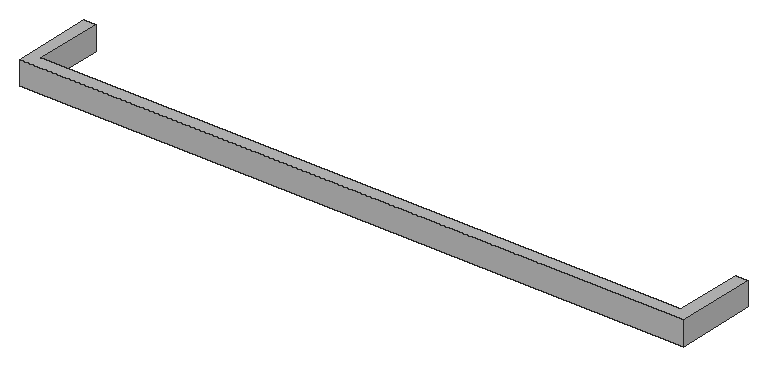
Revit family "Reece_Accessory_Mizu_Bloc_Heated Towel Rail", category Plumbing Fixtures, Revit 2018
Family settings
  Round Connector Dimension = Use Diameter
  Part Type = Normal
  Work Plane-Based = Yes
  Always vertical = Yes
  Cut with Voids When Loaded = Yes
  Shared = Yes
  Room Calculation Point = Yes
Parameters (values of type "827 mm x 30 mm x 100 mm_Polished Stainless Steel")
  URL = "https://www.reece.com.au/product/-9509569"
  Type Comments = "Accessory"
  Reece_Product_Web Page = "https://www.reece.com.au/product/-9509569"
  Reece_Product_Type = "Accessory"  # constant formula
  Reece_Product_Sub Brand = "Bloc"  # constant formula
  Reece_Product_Number = "9509569"
  Reece_Product_Mount = "Wall Mounted"
  Reece_Product_Description = "Mizu Bloc Heated Towel Rail 830 (Each) (Less Transformer) Polished Stainless Steel"
  Reece_Product_Brand = "Mizu"  # constant formula
  Reece_Overall_Width = 827 mm
  Reece_Overall_Height = 30 mm  # constant formula
  Reece_Material_Main = Reece_Metal_Stainless Steel_Polished
  Reece_Height_From_Level [instance] = if(Reece_Bottom_Offset < 600 mm, 600 mm, if(Reece_Bottom_Offset > 600 mm, Reece_Bottom_Offset, if(Reece_Bottom_Offset = 0 mm, Reece_Bottom_Offset, Reece_Bottom_Offset)))  # 1000 mm
  Reece_Fixing_Point_Width = 812 mm
  Reece_Detail_Shape = ""
  Reece_Detail_Installation = "Heated Towel Rail"  # constant formula
  Reece_Detail_Disclaimer = "THIS FILE IS THE PROPERTY OF THE REECE GROUP. IT MAY NOT BE REPRODUCED, REVERSE-ENGINEERED OR MODIFIED. ANY REPUBLICATION, TRANSMISSION OR DISTRIBUTION FOR THE PURPOSE OF COMMERCIALLY EXPLOITING THE FILES IS PROHIBITED."  # constant formula
  Reece_Detail_Connector = ""
  Reece_Detail_Additional = "Less Transformer"  # constant formula
  Reece_Bottom_Offset [instance] = 1000 mm
  Reece_Accessory_Projection = 100 mm  # constant formula
  Model = "Bloc"
  Manufacturer = "Mizu"
  Keynote = "Product #9509569, Reece_Accessory_Mizu_Bloc_Heated Towel Rail - 827 mm x 30 mm x 100 mm_Polished Stainless Steel"
  Disclaimer = "THIS FILE IS THE PROPERTY OF THE REECE GROUP. IT MAY NOT BE REPRODUCED, REVERSE-ENGINEERED OR MODIFIED. ANY REPUBLICATION, TRANSMISSION OR DISTRIBUTION FOR THE PURPOSE OF COMMERCIALLY EXPLOITING THE FILES IS PROHIBITED."  # constant formula
  Description = "Mizu Bloc Heated Towel Rail 830 (Each) (Less Transformer) Polished Stainless Steel"
  Default Elevation = 0 mm
Types (5, lengths in mm): name | URL | Reece_Product_Web Page | Reece_Product_Number | Reece_Product_Description | Reece_Overall_Width | Reece_Material_Main | Reece_Fixing_Point_Width | Keynote | Description
  (no name) | "https://www.reece.com.au/product/-9509568" | "https://www.reece.com.au/product/-9509568" | "9509568" | "Mizu Bloc Heated Towel Rail 630 (Each) (Less Transformer) Polished Stainless Steel" | 627 | Reece_Metal_Stainless Steel_Polished | 612 | "Product #9509568, Reece_Accessory_Mizu_Bloc_Heated Towel Rail -  " | "Mizu Bloc Heated Towel Rail 630 (Each) (Less Transformer) Polished Stainless Steel"
  627 mm x 30 mm x 100 mm_Matte Black | "https://www.reece.com.au/product/-9509570" | "https://www.reece.com.au/product/-9509570" | "9509570" | "Mizu Bloc Heated Towel Rail 630 (Each) (Less Transformer) Matte Black" | 627 | Reece_Metal_Matte Black | 612 | "Product #9509570, Reece_Accessory_Mizu_Bloc_Heated Towel Rail - 627 mm x 30 mm x 100 mm_Matte Black" | "Mizu Bloc Heated Towel Rail 630 (Each) (Less Transformer) Matte Black"
  827 mm x 30 mm x 100 mm_Matte Black | "https://www.reece.com.au/product/-9509571" | "https://www.reece.com.au/product/-9509571" | "9509571" | "Mizu Bloc Heated Towel Rail 830 (Each) (Less Transformer) Matte Black" | 827 | Reece_Metal_Matte Black | 812 | "Product #9509571, Reece_Accessory_Mizu_Bloc_Heated Towel Rail - 827 mm x 30 mm x 100 mm_Matte Black" | "Mizu Bloc Heated Towel Rail 830 (Each) (Less Transformer) Matte Black"
  627 mm x 30 mm x 100 mm_Polished Stainless Steel | "https://www.reece.com.au/product/-9509568" | "https://www.reece.com.au/product/-9509568" | "9509568" | "Mizu Bloc Heated Towel Rail 630 (Each) (Less Transformer) Polished Stainless Steel" | 627 | Reece_Metal_Stainless Steel_Polished | 612 | "Product #9509568, Reece_Accessory_Mizu_Bloc_Heated Towel Rail - 627 mm x 30 mm x 100 mm_Polished Stainless Steel" | "Mizu Bloc Heated Towel Rail 630 (Each) (Less Transformer) Polished Stainless Steel"
  827 mm x 30 mm x 100 mm_Polished Stainless Steel | "https://www.reece.com.au/product/-9509569" | "https://www.reece.com.au/product/-9509569" | "9509569" | "Mizu Bloc Heated Towel Rail 830 (Each) (Less Transformer) Polished Stainless Steel" | 827 | Reece_Metal_Stainless Steel_Polished | 812 | "Product #9509569, Reece_Accessory_Mizu_Bloc_Heated Towel Rail - 827 mm x 30 mm x 100 mm_Polished Stainless Steel" | "Mizu Bloc Heated Towel Rail 830 (Each) (Less Transformer) Polished Stainless Steel"
Reference planes
  plane 1 "Center (Front/Back)": y = 0
  plane 2 "Bottom Host Plane": z = -5
  plane 3 "Center (Left/Right)": x = 0
  plane 4 "Fixing Point": z = 1015
  plane 5: x = -413.5
  plane 6: x = 413.5
  plane 7: x = -406
  plane 8: y = -100
  plane 9: x = 406
  plane 10: y = -13
  plane 11: x = 398.619
  plane 12: z = 1030
  plane 13: z = 1000
Forms (mm)
  Extrusion 1, solid, material "Reece_Metal_Stainless Steel_Polished" <- "Reece_Material_Main"
    sketch origin (0, 0, 0) x (1, 0, 0) y (0, 1, 0)
      loop
        line (-398.619, -85.119) -> (-398.619, 0) -> (-413.5, 0) -> (-413.5, -100) -> (413.5, -100) -> (413.5, 0) -> (398.617, 0) -> (398.617, -85.119) -> (-398.619, -85.119)
    from 1000 to 1030
  Extrusion 2, void
    sketch origin (0, 0, 0) x (1, 0, 0) y (0, 0, 1)
      loop
        line (-412.012, 1028.274) -> (-412.012, 1001.488) -> (-400.107, 1001.488) -> (-400.107, 1028.274) -> (-412.012, 1028.274)
    from 0 to 16.129
  Extrusion 3, void
    sketch origin (0, 0, 0) x (-1, 0, 0) y (0, 0, -1)
      loop
        line (-412.012, -1028.274) -> (-400.107, -1028.274) -> (-400.107, -1001.488) -> (-412.012, -1001.488) -> (-412.012, -1028.274)
    from 0 to 16.129
  Revolve 4, void
    sketch origin (406, 0, 800) x (0, -1, 0) y (0, 0, -1)
      loop
        line (13, -201.235) -> (15, -201.235) -> (15, -195.407) -> (13, -195.407) -> (13, -201.235)
      axis (13, -201.235) -> (13, -195.407)
    angle from 0 to 360
  Revolve 5, void
    sketch origin (-406, 0, 800) x (0, -1, 0) y (0, 0, 1)
      loop
        line (13, 201.235) -> (13, 195.407) -> (15, 195.407) -> (15, 201.235) -> (13, 201.235)
      axis (13, 201.235) -> (13, 195.407)
    angle from 0 to 360
Cuts and joins
  Extrusion 2, Extrusion 3, Revolve 4, Revolve 5 cuts Extrusion 1
Lines and regions (mm)
  model lines, style "InvisibleLines"
    curve 1: line (0, 0, -5) -> (0, 0, 1015)
Text (mm)
  text "Reece ©" at (2575.234, -2071.694, 3369.885), in view "Reece Preview"
  text "Reece Copyright © 2018, Reece Ltd." at (-411.74, -205.274, 0), in view "Ref. Level"
Dimensions and locks
  locked: plane 2 "Bottom Host Plane" to level at 5
  "Reece_Overall_Width": plane 6 to plane 5
  "Reece_Accessory_Projection": plane 8 to plane 1 "Center (Front/Back)"
  plane 5 to Extrusion 2 to Extrusion 2 to Extrusion 1 to Extrusion 1 to Extrusion 3 to Extrusion 3 to plane 6 = 1.488 mm locked, 11.905 mm locked, 1.488 mm locked, 797.236 mm, 1.49 mm locked, 11.905 mm locked, 1.488 mm locked
  "Reece_Fixing_Point_Width": plane 7 to plane 9
  locked: plane 5 to plane 7 at 7.5
  plane 6 to plane 9 = 7.5 mm
  equal spacing: plane 7, plane 3 "Center (Left/Right)", plane 9  (x2)
  plane 5 to plane 6 = 827 mm
  plane 7 to plane 9 = 812 mm
  plane 10 to plane 1 "Center (Front/Back)" = 13 mm
  cut or joined group of Extrusion 1, Extrusion 2, Extrusion 3, Revolve 4, Revolve 5 to cut or joined group of Extrusion 1, Extrusion 2, Extrusion 3, Revolve 4, Revolve 5 = 30 mm
  plane 11 to plane 6 = 14.881 mm
  plane 1 "Center (Front/Back)" to plane 8 = 100 mm
  level to plane 4 "Fixing Point" = 1015 mm  (x2)
  plane 8 to plane 1 "Center (Front/Back)" = 100 mm
  "Reece_Overall_Height": plane 12 to plane 13
  "Reece_Height_From_Level": plane 13 to level
  locked: plane 4 "Fixing Point" to plane 13 at 15
  aligned and locked: plane 4 "Fixing Point" to curve 1
  aligned and locked: plane 5 to Extrusion 1
  aligned and locked: Extrusion 1 to plane 6
  aligned and locked: plane 9 to Revolve 4
  aligned and locked: cut or joined group of Extrusion 1, Extrusion 2, Extrusion 3, Revolve 4, Revolve 5 to plane 12
  aligned and locked: plane 12 to cut or joined group of Extrusion 1, Extrusion 2, Extrusion 3, Revolve 4, Revolve 5  (x2)
  aligned and locked: plane 13 to cut or joined group of Extrusion 1, Extrusion 2, Extrusion 3, Revolve 4, Revolve 5
  aligned and locked: cut or joined group of Extrusion 1, Extrusion 2, Extrusion 3, Revolve 4, Revolve 5 to plane 13
  aligned and locked: plane 7 to Revolve 5
Automatic sketch dimensions
  curve 1 to plane 3 "Center (Left/Right)" = 0 mm
  curve 1 to plane 2 "Bottom Host Plane" = 0 mm
  Extrusion 1 sketch curve to plane 5 = 0 mm
  plane 1 "Center (Front/Back)" to Extrusion 1 sketch curve = 0 mm  (x2)
  Extrusion 1 sketch curve to plane 6 = 0 mm
  plane 8 to Extrusion 1 sketch curve = 0 mm
  Extrusion 1 sketch curve to plane 11 = 0.002 mm
  Extrusion 1 sketch curve to plane 8 = 14.881 mm
  Extrusion 2 sketch curve to plane 5 = 1.488 mm
  Extrusion 2 sketch curve to plane 13 = 1.488 mm
  plane 12 to Extrusion 2 sketch curve = 1.726 mm
  plane 6 to Extrusion 3 sketch curve = 1.488 mm
  Extrusion 3 sketch curve to plane 11 = 1.488 mm
  plane 13 to Extrusion 3 sketch curve = 1.488 mm
  Extrusion 3 sketch curve to plane 12 = 1.726 mm
  Revolve 4 sketch curve to plane 10 = 0 mm  (x2)
  Revolve 4 sketch curve to plane 13 = 1.235 mm
  Revolve 4 sketch curve to plane 10 = 2 mm
  plane 13 to Revolve 4 sketch curve = 4.593 mm
  Revolve 4 sketch curve to Revolve 4 sketch curve = 0.407 mm
  Revolve 4 sketch curve to Revolve 4 sketch curve = 7.811 mm
  Revolve 5 sketch curve to plane 10 = 0 mm  (x2)
  Revolve 5 sketch curve to plane 13 = 1.235 mm
  Revolve 5 sketch curve to plane 10 = 2 mm
  plane 13 to Revolve 5 sketch curve = 4.593 mm
  Revolve 5 sketch curve to Revolve 5 sketch curve = 0.407 mm
  Revolve 5 sketch curve to Revolve 5 sketch curve = 7.811 mm
  Extrusion 1 sketch curve to plane 7 = 7.381 mm
  Extrusion 2 sketch curve to plane 7 = 5.893 mm
